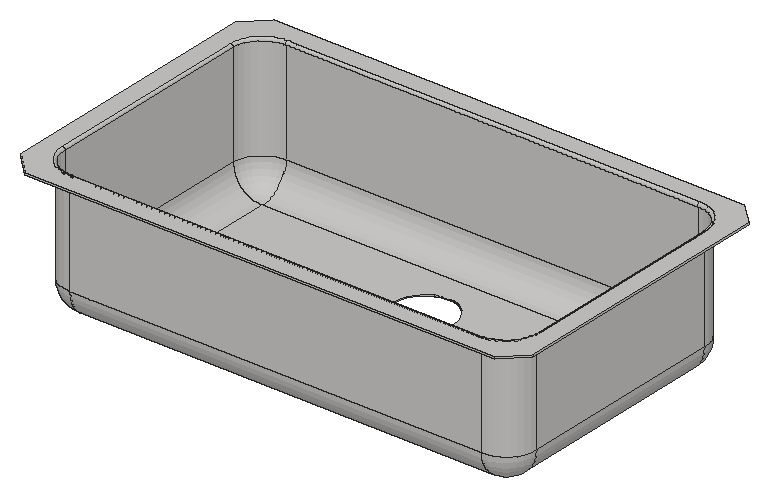
Revit family "Sink-Undermount-Acorn-SU-2816-80_Series", category Plumbing Fixtures, host Face, Revit 2019
Family settings
  Host = Face
  Round Connector Dimension = Use Diameter
  Part Type = Normal
  OmniClass Number = 23.45.05.14.14
  OmniClass Title = Sinks/Lavatories
  Cut with Voids When Loaded = No
  Shared = Yes
  Room Calculation Point = No
Parameters (values of type "SU-2816-80")
  Width = 30 1/2"  # constant formula
  Waste Connection = no
  WFU = 4  # constant formula
  Vent Connection = no
  URL = "https://www.acorneng.com/home"
  Type Comments = ""
  Product Page URL = ""
  Product Documentation Link = ""
  Model = "SU-2816-80"
  Material = "Stainless Steel-Acorn-Satin"  # constant formula
  Manufacturer = "Acorn"
  Length = 18 1/2"  # constant formula
  Installation Type = "Wall Mounted"
  Height = 8"
  HWFU = 3  # constant formula
  HW Connection = no
  Finish = Stainless Steel-Acorn-Satin
  Drain Opening Size = 3 1/2"
  Description = "Stainless Steel Undermount Sink"
  Default Elevation = 34"
  Creation Date = "23/12/2023"  # constant formula
  Compliance Certifications = "ASME A112.19.3/CSA B45.4, IAPMO® Certified"
  CWFU = 3  # constant formula
  CW Connection = no
  Bowl Width = 28"  # constant formula
  Bowl Length = 16"  # constant formula
  Assembly Code = "D2010440"
Reference planes (in)
  plane 1 "Center (Front/Back)": y = 0
  plane 2: z = 0
  plane 3 "Center (Left/Right)": x = 0
  plane 4: z = -8
  plane 5: z = 0
  plane 6: z = 0
  plane 7: z = 0
  plane 8: x = -15.25
  plane 9: x = 15.25
  plane 10: x = -14
  plane 11: x = 14
  plane 12: y = -18.5
  plane 13: y = -17.25
  plane 14: y = -1.25
  plane 15: y = -6.25
Forms (in)
  Extrusion 1, solid, material "Stainless Steel-Acorn-Satin" <- "Finish"
    sketch origin (-24.32594, 1.28976, -3.09717) x (1, 0, 0) y (0, 1, 0)
      loop
        circle (24.32594, -7.53976) r 1.75
      loop
        arc (12.07594, -4.22734) -> (12.03181, -4.24562) -> (12.01353, -4.28976) r 0.06242
        line (12.01353, -4.28976) -> (12.01353, -16.78976)
        arc (12.01353, -16.78976) -> (12.03181, -16.83389) -> (12.07594, -16.85218) r 0.06242
        line (12.07594, -16.85218) -> (36.57594, -16.85218)
        arc (36.57594, -16.85218) -> (36.62008, -16.83389) -> (36.63836, -16.78976) r 0.06242
        line (36.63836, -16.78976) -> (36.63836, -4.28976)
        arc (36.63836, -4.28976) -> (36.62008, -4.24562) -> (36.57594, -4.22734) r 0.06242
        line (36.57594, -4.22734) -> (12.07594, -4.22734)
    from -4.90302 to -4.84052
  Sweep 2, solid, material "Stainless Steel-Acorn-Satin" <- "Finish"
    path origin (-5.75, 0.4907, 0) x (1, 0, 0) y (0, 1, 0)
      loop
        line (-8.25, -3.4907) -> (-8.25, -15.9907)
        arc (-8.25, -15.9907) -> (-7.73744, -17.22814) -> (-6.5, -17.7407) r 1.75
        line (-6.5, -17.7407) -> (18, -17.7407)
        arc (18, -17.7407) -> (19.23744, -17.22814) -> (19.75, -15.9907) r 1.75
        line (19.75, -15.9907) -> (19.75, -3.4907)
        arc (19.75, -3.4907) -> (19.23744, -2.25326) -> (18, -1.7407) r 1.75
        line (18, -1.7407) -> (-6.5, -1.7407)
        arc (-6.5, -1.7407) -> (-7.73744, -2.25326) -> (-8.25, -3.4907) r 1.75
    profile origin (-14, -9.25, 0) x (1, 0, 0) y (0, 0, 1)
      loop
        line (-0.15271, 0) -> (-0.21339, 0) -> (-0.21339, -0.09698) -> (-0.11121, -0.09698)
        arc (-0.11121, -0.09698) -> (-0.07671, -0.11127) -> (-0.06242, -0.14578) r 0.0488
        line (-0.06242, -0.14578) -> (-0.06242, -6.25019)
        arc (-0.06242, -6.25019) -> (0.45015, -7.48762) -> (1.68758, -8.00019) r 1.75
        line (1.68758, -8.00019) -> (1.68758, -7.93769)
        arc (1.68758, -7.93769) -> (0.49434, -7.44343) -> (0.00008, -6.25019) r 1.6875
        line (0.00008, -6.25019) -> (0.00008, -0.15279)
        arc (0.00008, -0.15279) -> (-0.04467, -0.04475) -> (-0.15271, 0) r 0.15279
  Extrusion 3, solid, material "Stainless Steel-Acorn-Satin" <- "Finish"
    sketch origin (-5.75, 0.4907, -0.09698) x (1, 0, 0) y (0, 1, 0)
      loop
        line (-9.5, -1.7407) -> (-9.5, -17.7407) -> (-8.25, -18.9907) -> (19.75, -18.9907) -> (21, -17.7407) -> (21, -1.7407) -> (19.75, -0.4907) -> (-8.25, -0.4907) -> (-9.5, -1.7407)
      loop
        arc (-6.5, -1.52731) -> (-7.88833, -2.10238) -> (-8.46339, -3.4907) r 1.96339
        line (-8.46339, -3.4907) -> (-8.46339, -15.9907)
        arc (-8.46339, -15.9907) -> (-7.88833, -17.37903) -> (-6.5, -17.95409) r 1.96339
        line (-6.5, -17.95409) -> (18, -17.95409)
        arc (18, -17.95409) -> (19.38833, -17.37903) -> (19.96339, -15.9907) r 1.96339
        line (19.96339, -15.9907) -> (19.96339, -3.4907)
        arc (19.96339, -3.4907) -> (19.38833, -2.10238) -> (18, -1.52731) r 1.96339
        line (18, -1.52731) -> (-6.5, -1.52731)
    from 0 to 0.09698
  Extrusion 4, void
    sketch origin (-2.25, 0.2407, 0) x (1, 0, 0) y (0, 1, 0)
      loop
        line (-11.75, -0.2407) -> (-13, -1.4907) -> (-13, -17.4907) -> (-11.75, -18.7407) -> (16.25, -18.7407) -> (17.5, -17.4907) -> (17.5, -1.4907) -> (16.25, -0.2407) -> (-11.75, -0.2407)
    from -9.39189 to 0
Cuts and joins
  joined: Extrusion 1, Sweep 2, Extrusion 3
Dimensions and locks (in)
  host face to plane 4 = 8"
  "Width": plane 8 to plane 9
  plane 10 to plane 3 "Center (Left/Right)" = 14"
  "Bowl Width": plane 10 to plane 11
  "Length": plane 12 to plane 1 "Center (Front/Back)"
  locked: plane 13 to plane 12 at 1.25
  "Bowl Length": plane 14 to plane 13
  plane 14 to plane 15 = 5"
  aligned and locked: host face to plane 2
  aligned and locked: host face to level
  aligned and locked: plane 15 to Extrusion 1 sketch curve
  aligned and locked: Extrusion 3 sketch curve to cut or joined group of Extrusion 1, Sweep 2, Extrusion 3  (x4)
  aligned and locked: level to Extrusion 4
  aligned and locked: plane 3 "Center (Left/Right)" to Extrusion 1 sketch curve
Automatic sketch dimensions
  host sketch curve to host sketch curve = 161.60125"
  host sketch curve to host sketch curve = 96"
  Sweep 2 sketch curve to plane 10 = 0"
  Sweep 2 sketch curve to plane 14 = 0"
  Sweep 2 sketch curve to plane 13 = 0"
  Sweep 2 sketch curve to plane 11 = 0"
  Sweep 2 sketch curve to Sweep 2 sketch curve = 1 3/4"
  plane 10 to Sweep 2 sketch curve = 1 3/4"
  plane 11 to Sweep 2 sketch curve = 1 3/4"  (x2)
  plane 10 to Extrusion 1 sketch curve = 1 3/4"
  Extrusion 1 sketch curve to Extrusion 1 sketch curve = 0.06242"  (x4)
  plane 13 to Extrusion 1 sketch curve = 1 3/4"
  Extrusion 1 sketch curve to plane 14 = 1 3/4"
  plane 11 to Extrusion 1 sketch curve = 1 3/4"
  Extrusion 4 sketch curve to plane 10 = 0"  (x2)
  Extrusion 4 sketch curve to plane 11 = 0"  (x2)
  plane 1 "Center (Front/Back)" to Extrusion 4 sketch curve = 0"
  Extrusion 4 sketch curve to plane 9 = 0"
  Extrusion 4 sketch curve to plane 12 = 0"
  Extrusion 4 sketch curve to plane 13 = 0"  (x2)
  Extrusion 4 sketch curve to plane 14 = 0"  (x2)
  Extrusion 4 sketch curve to plane 8 = 0"
  Extrusion 3 sketch curve to plane 8 = 0"
  Extrusion 3 sketch curve to plane 10 = 0"  (x2)
  plane 1 "Center (Front/Back)" to Extrusion 3 sketch curve = 0"
  Extrusion 3 sketch curve to plane 11 = 0"  (x2)
  Extrusion 3 sketch curve to plane 9 = 0"
  Extrusion 3 sketch curve to plane 12 = 0"
  Extrusion 3 sketch curve to plane 13 = 0"  (x2)
  Extrusion 3 sketch curve to plane 14 = 0"  (x2)
  plane 10 to Extrusion 3 sketch curve = 1 3/4"  (x2)
  plane 11 to Extrusion 3 sketch curve = 1 3/4"
  Extrusion 3 sketch curve to plane 14 = 1 3/4"
  Sweep 2 sketch curve to Sweep 2 sketch curve = 0"  (x2)
  Sweep 2 sketch curve to profile plane = 0"
  profile plane to Sweep 2 sketch curve = 0.21339"
  Sweep 2 sketch curve to Sweep 2 sketch curve = 0.06068"
  Sweep 2 sketch curve to Sweep 2 sketch curve = 0.0415"
  profile plane to Sweep 2 sketch curve = 0.06242"
  Sweep 2 sketch curve to profile plane = 0.00008"
  Sweep 2 sketch curve to Sweep 2 sketch curve = 1 11/16"
  Sweep 2 sketch curve to profile plane = 6.25019"
  Sweep 2 sketch curve to Sweep 2 sketch curve = 0.00701"
  radius of Extrusion 1 sketch curve = 1 3/4"
